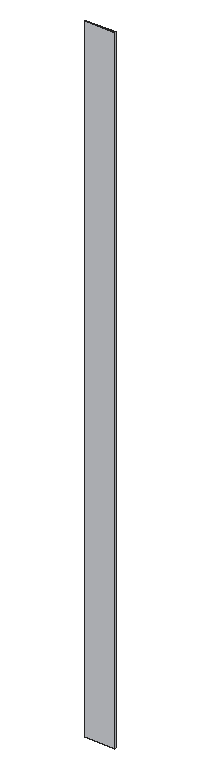
Revit family "031500 - Concrete Accessories - Holddown - Strap", category Structural Connections, Revit 2020
Family settings
  Material for Model Behavior = Other
  Work Plane-Based = Yes
  Enable cutting in views = Yes
  Always vertical = Yes
  Cut with Voids When Loaded = No
  Shared = No
Parameters (values of type "(1) SIMPSON CS18")
  URL = "http://www.strongtie.com/"
  Truss Depth = 24"
  Strap Width = 2 1/2"
  Strap Thickness = 1/8"
  SW_HD_Strap_Fasteners = "(11) 0.131 x 2 1/2\" NAILS"
  SW_HD_Strap_End_Length = 12"
  SW_HD_End_Post = "(2) - 2X"
  SW_HD_Allowable_Tension_Load = "1,370"
  Provide Feedback = "http://www.strongtie.com/drawings/revit_request.asp"
  Product Type = "Holdowns and Tension Ties"  # constant formula
  Model ID = "0097271654028851118033589140572541258848"  # constant formula
  Model Disclaimer = "Contact Simpson Strong-Tie Company Inc. for more information"  # constant formula
  Model = "HTT5"  # constant formula
  Manufacturer = "Simpson Strong-Tie Company Inc."  # constant formula
  Description = Product Type  # "Holdowns and Tension Ties"
  Default Elevation = 0"
  Copyright = "Copyright © Simpson Strong-Tie Company Inc."  # constant formula
Reference planes (in)
  plane 1 "Center (Front/Back)": y = 0
  plane 2: z = 0
  plane 3 "Center (Left/Right)": x = 0
  plane 4: through (0, 0, 0) normal (0, -0.7071, 0.7071)
  plane 5: x = -1.25
  plane 6: x = 1.25
  plane 7: z = 13.5
  plane 8: z = -24
  plane 9: z = -39
  plane 10: z = 1.5
  plane 11: z = -25.5
  plane 12: z = -27
Forms (in)
  Extrusion 1, solid
    sketch origin (0, 0, 0) x (1, 0, 0) y (0, 0, 1)
      loop
        line (-1.25, 13.5) -> (-1.25, -39) -> (1.25, -39) -> (1.25, 13.5) -> (-1.25, 13.5)
    from 0 to 0.125 <- "Strap Thickness"
Dimensions and locks (in)
  equal spacing: plane 6, plane 3 "Center (Left/Right)", plane 5
  "Strap Width": plane 6 to plane 5
  "Truss Depth": level to plane 8
  plane 10 to level to plane 8 to plane 11 to plane 12 = 1 1/2", 24", 1 1/2", 1 1/2"
  "SW_HD_Strap_End_Length": plane 12 to plane 9
  "SW_HD_Strap_End_Length": plane 7 to plane 10
  locked: plane 4 to plane 1 "Center (Front/Back)" (angle 45.00°)
  aligned and locked: plane 2 to level
  aligned and locked: plane 5 to Extrusion 1 sketch curve
  aligned and locked: Extrusion 1 sketch curve to plane 7
  aligned and locked: Extrusion 1 sketch curve to plane 6
Automatic sketch dimensions
  plane 9 to Extrusion 1 sketch curve = 0"
